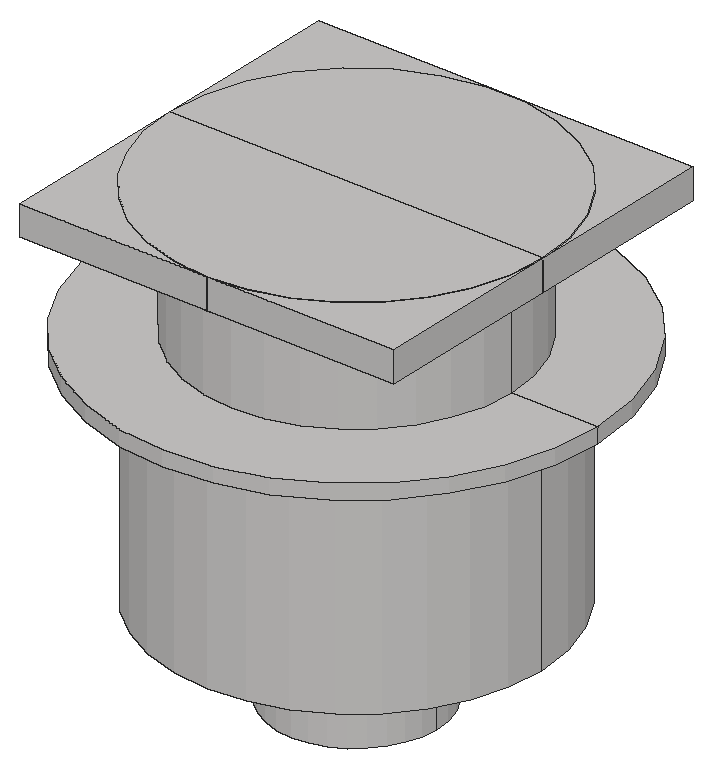
Revit family "22131913 - Sanitary Drains - Floor Drain", category Plumbing Fixtures, Revit 2020
Family settings
  Round Connector Dimension = Use Diameter
  Part Type = Normal
  OmniClass Number = 23.45.00.00
  OmniClass Title = Sanitary, Laundry, and Cleaning Equipment
  Work Plane-Based = No
  Always vertical = Yes
  Cut with Voids When Loaded = No
  Shared = No
  Room Calculation Point = No
Parameters
  WFU = 0
  Strainer Model Line Visibility = yes
  Strainer Line Distance = 0' - 0.67675"
  Outlet Length = 0' - 1.297"
  Material = Metal-WATTS-Stainless Steel
  Flange Thickness = 0' - 0.219"
  Default Elevation = 0' - 0"
  Connection Radius = 1"
  Body Length = 0' - 4.531"
Reference planes (in)
  plane 1 "Center (Front/Back)": y = 0
  plane 2: z = 0
  plane 3 "Center (Left/Right)": x = 0
Forms (in)
  Revolve 1, solid, material "Metal-WATTS-Stainless Steel" <- "Material"
    sketch origin (0, 0, 0) x (1, 0, 0) y (0, 0, 1)
      loop
        line (0, 0) -> (-2.707, 0) -> (-2.707, -0.438) -> (-2.25, -0.438) -> (-2.25, -1.906) -> (0, -1.906) -> (0, 0)
      axis (0, 0) -> (0, -1.906)
    angle from 0 to 360
  Revolve 2, solid, material "Metal-WATTS-Stainless Steel" <- "Material"
    sketch origin (0, 0, 0) x (1, 0, 0) y (0, 0, 1)
      loop
        line (0, -1.906) -> (-3.5, -1.906) -> (-3.5, -2.125) -> (-2.688, -2.125) -> (-2.688, -5.359) -> (-1.172, -5.359) -> (-1.172, -6.656) -> (0, -6.656) -> (0, -1.906)
      axis (0, -1.906) -> (0, -6.656)
    angle from 0 to 360
  Extrusion 3, solid, material "Metal-WATTS-Stainless Steel" <- "Material"
    sketch origin (0, 0, 0) x (1, 0, 0) y (0, 1, 0)
      loop
        line (-2.707, 2.707) -> (-2.707, -2.707) -> (2.707, -2.707) -> (2.707, 2.707) -> (-2.707, 2.707)
    from 0 to -0.438
Lines and regions (in)
  model lines, visible <- "Strainer Model Line Visibility", detail levels medium+fine
    curve 1: line (-2.707, 2.707, 0) -> (2.707, 2.707, 0)
    curve 2: line (-2.707, -2.707, 0) -> (-2.707, 2.707, 0)
    curve 3: line (2.707, -2.707, 0) -> (-2.707, -2.707, 0)
    curve 4: line (2.707, 2.707, 0) -> (2.707, -2.707, 0)
  model lines, detail levels fine
    curve 5: line (-2.03025, 2.03025, 0) -> (2.03025, 2.03025, 0)
    curve 6: line (-2.03025, -2.03025, 0) -> (-2.03025, 2.03025, 0)
    curve 7: line (2.03025, -2.03025, 0) -> (-2.03025, -2.03025, 0)
    curve 8: line (2.03025, 2.03025, 0) -> (2.03025, -2.03025, 0)
    curve 9: line (1.3535, -1.3535, 0) -> (-1.3535, -1.3535, 0)
    curve 10: line (1.3535, 1.3535, 0) -> (1.3535, -1.3535, 0)
    curve 11: line (-1.3535, 1.3535, 0) -> (1.3535, 1.3535, 0)
    curve 12: line (-1.3535, -1.3535, 0) -> (-1.3535, 1.3535, 0)
    curve 13: line (-0.67675, 0.67675, 0) -> (0.67675, 0.67675, 0)
    curve 14: line (-0.67675, -0.67675, 0) -> (-0.67675, 0.67675, 0)
    curve 15: line (0.67675, -0.67675, 0) -> (-0.67675, -0.67675, 0)
    curve 16: line (0.67675, 0.67675, 0) -> (0.67675, -0.67675, 0)
  model lines, detail levels medium+fine
    curve 17: line (0, 2.707, 0) -> (0, -2.707, 0)
    curve 18: line (-2.707, 0, 0) -> (2.707, 0, 0)
Dimensions and locks (in)
  "Flange Thickness": Revolve 2 sketch curve to Revolve 2 sketch curve
  "Body Length": Revolve 2 sketch curve to Revolve 2 sketch curve
  "Outlet Length": Revolve 2 sketch curve to Revolve 2 sketch curve
  "Strainer Line Distance": curve 2 to curve 6
  "Strainer Line Distance": curve 6 to curve 12
  "Strainer Line Distance": curve 12 to curve 14
  "Strainer Line Distance": curve 8 to curve 4
  "Strainer Line Distance": curve 10 to curve 8
  "Strainer Line Distance": curve 16 to curve 10
  "Strainer Line Distance": curve 5 to curve 1
  "Strainer Line Distance": curve 11 to curve 5
  "Strainer Line Distance": curve 13 to curve 11
  "Strainer Line Distance": curve 7 to curve 3
  "Strainer Line Distance": curve 9 to curve 7
  "Strainer Line Distance": curve 15 to curve 9
  aligned and locked: level to plane 2
  aligned and locked: Revolve 1 sketch curve to Revolve 1 sketch curve  (x2)
  aligned and locked: Revolve 2 sketch curve to Revolve 1
  aligned and locked: Revolve 2 sketch curve to Revolve 2 sketch curve  (x2)
  aligned and locked: Extrusion 3 to Revolve 1
  aligned and locked: curve 2 to curve 18
  aligned and locked: curve 1 to curve 17
  aligned and locked: curve 4 to curve 18
  aligned and locked: curve 3 to curve 17
Connectors (in)
  piping at (0, 0, -6.656), diameter 2, driven by "WFU", driven by "Connection Radius"
    settings: on Revolve 2, index 2, connector inside diameter 2", connector length 0' - 0", flow factor 0, pipe flow 0 GPM, pressure drop 0.00 psi, fitting loss kfactor 0, connector angle 0.00°, fixture units 0, engagement length 0' - 0", angle of deflection 0.00°, flow configuration 3, flow direction 2, fitting loss method 0, system type 16, joint type 0, gender type 0, connector reference index -1, connector utility 0, adjustable connector no, is connector primary yes, connector description ""
